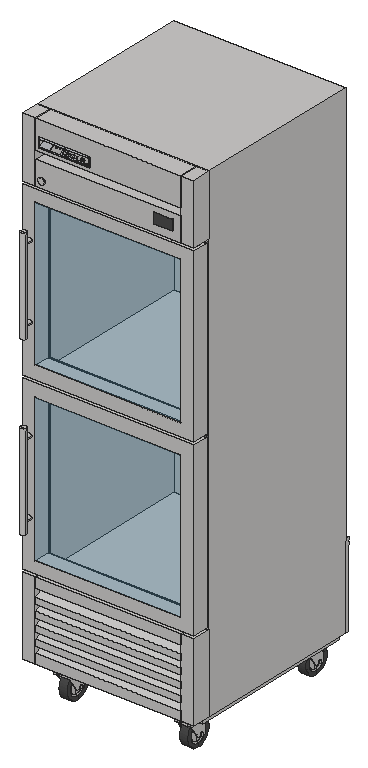
Revit family "QF_TRUE_TS-23G-2-HC~FGD01", category Specialty Equipment, Revit 2015
Parameters
  Weight in Pounds = 330
  Watts = Volts * FL Amps  # 253 W
  Volts = 115 V
  URL Cutsheet = "www.truemfg.com"
  URL = "www.truemfg.com"
  Specification by User = ""
  Specification by Manufacturer = ""
  Show Clearance [instance] = yes
  Show 6 Inches Standard Legs [instance] = no
  Show 6 Inches Seismic Flanged Legs [instance] = no
  6 Inches Seismic Flanged Legs [instance] = and(Show 6 Inches Seismic Flanged Legs, not(Show 5 Inches Castors))  # no
  Show Logo [instance] = yes
  Serial Number = ""
  Seismic Rating = ""
  SMACNA No = ""
  Revision Code = ""
  Phase = 1
  Overall Height [instance] = Body Height + Base Height  # 83 3/8"
  Number of Poles = 1
  NAFEM Spec ID Number = ""
  Model = "TS-23G-2-HC~FGD01"
  Min Ckt Ampacity = 0 A
  Max Overcurrent Protection = 0 A
  Masterspec = ""
  Manufacturer = "TRUE"
  Length = 27"
  Item Number = ""
  Installed By = ""
  Identify Quantity as Lot = yes
  Height = 83 3/8"
  HP = "1/4"
  Furnished By = ""
  Foodservice Equipment Identifier = yes
  FL Amps = 2.2 A
  Electrical Remarks = ""
  Electric Connection Type = ""
  Elec Conn RI Height = 0"
  Elec Conn Connection Height = 0"
  Description = "REACH-IN GLASS HALF SWING DOOR STAINLESS REFRIGERATOR WITH HYDROCARBON REFRIGERANT~FRAMED GLASS DOOR VERSION 01"
  Depth = 29 7/8"
  Cycle = 60 Hz
  Conn Plug = "NEMA 5-15P"
  Conn Conduit = yes
  CSI MasterFormat = ""
  Body Height = 78 3/8"
  Base Height [instance] = if(Show 5 Inches Castors, 5", 6")  # 5"
  Apparent Power = 0 VA
  6 Inches Standard Legs [instance] = and(Show 6 Inches Standard Legs, not(Show 5 Inches Castors))  # no
  Show 5 Inches Castors [instance] = if(Show 6 Inches Seismic Flanged Legs, Show 6 Inches Standard Legs, not(Show 6 Inches Standard Legs))  # yes
Reference planes (in)
  plane 1 "BACK": y = 0
  plane 2: z = 0
  plane 3 "LEFT": x = 0
  plane 4 "RIGHT": x = 27
  plane 5 "FRONT": y = -29.875
  plane 6 "TOP": z = 83.375
  plane 7 "Center Y": x = 13.5
  plane 8 "Center X": y = -14.9375
  plane 9: z = 5
Dimensions and locks (in)
  equal spacing: plane 3 "LEFT", plane 7 "Center Y", plane 4 "RIGHT"
  "Length": plane 3 "LEFT" to plane 4 "RIGHT"
  equal spacing: plane 5 "FRONT", plane 8 "Center X", plane 1 "BACK"
  "Depth": plane 5 "FRONT" to plane 1 "BACK"
  "Overall Height": plane 6 "TOP" to level
  plane 3 "LEFT" to plane 4 "RIGHT" = 27"
  "Base Height": plane 9 to level
  "Body Height": nested 5 to plane 9
  plane 6 "TOP" to nested 5 = 77"
  nested 5 to nested 5 = 32 1/8"
  plane 5 "FRONT" to nested 5 = 30 1/2"
  aligned and locked: level to plane 2
  aligned and locked: nested 5 to plane 9
Nested families (in)
  nested 1: "CASTER-LEGS" at (4, -2.625, 0), Show 5" Casters <- "Show 5 Inches Castors", Show 6 Inches Legs <- "6 Inches Standard Legs", Show Siesmic Flanged <- "6 Inches Seismic Flanged Legs", type "CASTER-LEGS"
    with Type Mark "", Status "", Specification by User "", Show Siesmic Flanged no, Show 6" Casters no, Show 6 Inches Legs no, Show 5" Casters yes, Show 4" Casters no, Show 2.5 Standard Legs no, Show 2.5 Casters no, Revision Code "", Low Profile no, Item Number "", Installed By "", Identify Quantity as Lot yes, Furnished By "", Foodservice Equipment Identifier yes
  nested 2: "CASTER-LEGS" at (4, -25.875, 0), Show 5" Casters <- "Show 5 Inches Castors", Show 6 Inches Legs <- "6 Inches Standard Legs", Show Siesmic Flanged <- "6 Inches Seismic Flanged Legs", type "CASTER-LEGS"
    with Type Mark "", Status "", Specification by User "", Show Siesmic Flanged no, Show 6" Casters no, Show 6 Inches Legs no, Show 5" Casters yes, Show 4" Casters no, Show 2.5 Standard Legs no, Show 2.5 Casters no, Revision Code "", Low Profile no, Item Number "", Installed By "", Identify Quantity as Lot yes, Furnished By "", Foodservice Equipment Identifier yes
  nested 3: "CASTER-LEGS" at (23, -2.625, 0), Show 5" Casters <- "Show 5 Inches Castors", Show 6 Inches Legs <- "6 Inches Standard Legs", Show Siesmic Flanged <- "6 Inches Seismic Flanged Legs", type "CASTER-LEGS"
    with Type Mark "", Status "", Specification by User "", Show Siesmic Flanged no, Show 6" Casters no, Show 6 Inches Legs no, Show 5" Casters yes, Show 4" Casters no, Show 2.5 Standard Legs no, Show 2.5 Casters no, Revision Code "", Low Profile no, Item Number "", Installed By "", Identify Quantity as Lot yes, Furnished By "", Foodservice Equipment Identifier yes
  nested 4: "CASTER-LEGS" at (23, -25.875, 0), Show 5" Casters <- "Show 5 Inches Castors", Show 6 Inches Legs <- "6 Inches Standard Legs", Show Siesmic Flanged <- "6 Inches Seismic Flanged Legs", type "CASTER-LEGS"
    with Type Mark "", Status "", Specification by User "", Show Siesmic Flanged no, Show 6" Casters no, Show 6 Inches Legs no, Show 5" Casters yes, Show 4" Casters no, Show 2.5 Standard Legs no, Show 2.5 Casters no, Revision Code "", Low Profile no, Item Number "", Installed By "", Identify Quantity as Lot yes, Furnished By "", Foodservice Equipment Identifier yes
  nested 5: "TS-23G-2-HC-FGD01" at (0, 0, 0), Show Clearance <- "Show Clearance", Show Logo <- "Show Logo", type "TS-23G-2-HC-FGD01"
    with Show Logo yes, Material and Finishes QF_Metal - Stainless - Polished
Connectors (in)
  electrical at (13.5, 0.5, 14.625), driven by "Volts", driven by "Watts"
    settings: on nested 5, index 1, voltage 115 V, apparent load 253 VA, apparent load phase1 0 VA, apparent load phase2 0 VA, apparent load phase3 0 VA, power factor 1, load classification "Other", number of poles 1, system type 30, power factor state 1, is connector primary yes, connector utility no, sub classification motor no, connector description "ELECTRICAL CONNECTION"
Definition of nested family "CASTER-LEGS"
  Parameters (values of type "CASTER-LEGS")
    Weight = ""
    URL Manufacturer = ""
    URL Cutsheet = ""
    URL = ""
    Type Mark [instance] = ""
    Status [instance] = ""
    Specification by User [instance] = ""
    Specification by Manufacturer = ""
    Show Siesmic Flanged [instance] = yes
    Show 6 Inches Legs [instance] = yes
    Show 6" Casters [instance] = yes
    Show 5" Casters [instance] = yes
    Show 4" Casters [instance] = yes
    Show 2.5 Standard Legs [instance] = yes
    Show 2.5 Casters [instance] = yes
    Serial Number = ""
    Seismic Rating = ""
    SMACNA No = ""
    Revision Code [instance] = ""
    Omniclass Number and Title = ""
    NAFEM Spec ID Number = ""
    Model = ""
    MasterSpec. = ""
    Manufacturer = ""
    Low Profile [instance] = yes
    Item Number [instance] = ""
    Installed By [instance] = ""
    Identify Quantity as Lot [instance] = yes
    Furnished By [instance] = ""
    Foodservice Equipment Identifier [instance] = yes
    Description = ""
    CSI MasterFormat = ""
    CSI Master Format = ""
    Assembly Code = ""
  Reference planes (in)
    plane 1: z = 0
    plane 2 "RIGHT": x = 0
    plane 3 "FRONT": y = 0
    plane 4 "TOP": z = 6
    plane 5: z = 2.125
    plane 6: z = 2.5
    plane 7: z = 6.25
  Forms (in)
    Revolve 1, solid, visible <- "Show 6 Inches Legs"
      sketch origin (11.12172, 0, 0) x (-1, 0, 0) y (0, 0, -1)
        loop
          line (11.12172, -6) -> (11.12172, 0) -> (10.62172, 0) -> (10.62172, -1.30261) -> (10.37172, -1.30261) -> (10.37172, -6) -> (11.12172, -6)
        axis (11.12172, 0) -> (11.12172, -6)
      angle from 0 to 360
    Extrusion 2, solid, visible <- "Show Siesmic Flanged"
      sketch origin (0, 0, 0) x (1, 0, 0) y (0, 1, 0)
        loop
          circle (-0.00825, 0) r 1
      from 0 to 0.125
    Revolve 3, solid, visible <- "Show Siesmic Flanged"
      sketch origin (11.12172, 0, 0) x (-1, 0, 0) y (0, 0, -1)
        loop
          line (11.12172, -6) -> (11.12172, -0.125) -> (10.62172, -0.125) -> (10.62172, -1.30261) -> (10.37172, -1.30261) -> (10.37172, -6) -> (11.12172, -6)
        axis (11.12172, -0.125) -> (11.12172, -6)
      angle from 0 to 360
    Revolve 4, solid, visible <- "Show 2.5 Standard Legs"
      sketch origin (11.12172, 0, 0) x (-1, 0, 0) y (0, 0, -1)
        loop
          line (11.12172, -2.5) -> (11.12172, 0) -> (10.62172, 0) -> (10.62172, -0.75) -> (10.37172, -0.75) -> (10.37172, -2.5) -> (11.12172, -2.5)
        axis (11.12172, 0) -> (11.12172, -2.5)
      angle from 0 to 360
  Dimensions and locks (in)
    plane 4 "TOP" to level = 6"  (x2)
    locked: Revolve 1 sketch curve to Revolve 1 sketch curve at 1.30261
    locked: Revolve 1 sketch curve to Revolve 1 sketch curve at 0.75
    nested 1 to level = 5"
    plane 6 to plane 1 = 2 1/2"
    plane 5 to plane 1 = 2 1/8"
    plane 7 to plane 1 = 6 1/4"
    locked: Revolve 3 sketch curve to Revolve 3 sketch curve at 0.75
    aligned and locked: level to plane 1
  Nested families (in)
    nested 1: "PITCO_5 INCHES CASTER" at (0, 0, 0), Show Casters <- "Show 5" Casters", type "PITCO_5 INCHES CASTER"
      with Type Mark "", Status "", Specification by User "", Show Casters yes, Revision Code "", Item Number "", Installed By "", Identify Quantity as Lot yes, Furnished By "", Foodservice Equipment Identifier yes
    nested 2: "2.13" at (0, 0, 0), 2.5 Inches Caster <- "Low Profile", type "2.13"
      with Type Mark "", Status "", Specification by User "", Revision Code "", Item Number "", Installed By "", Identify Quantity as Lot yes, Furnished By "", Foodservice Equipment Identifier yes, 2.5 Inches Caster yes
    nested 3: "C4" at (0, 0, 0), Show 4 Inches Casters <- "Show 4" Casters", type "C4"
      with Type Mark "", Specification by User "", Show 4 Inches Casters yes, Revision Code "", Item Number "", Installed By "", Identify Quantity as Lot yes, Furnished By "", Foodservice Equipment Identifier yes
    nested 4: "6 Inches Leg & Caster" at (0, 0, 0), Show Casters <- "Show 6" Casters", type "6 Inches Leg & Caster"
      with Type Mark "", Status "", Specification by User "", Show Casters yes, Revision Code "", Item Number "", Installed By "", Identify Quantity as Lot yes, Furnished By "", Foodservice Equipment Identifier yes
    nested 5: "C2.5" at (0, -0.86941, 0), 2.5 Inches Caster <- "Show 2.5 Casters", type "C2.5"
      with Type Mark "", Status "", Specification by User "", Revision Code "", Item Number "", Installed By "", Identify Quantity as Lot yes, Furnished By "", Foodservice Equipment Identifier yes, 2.5 Inches Caster yes
  Definition of nested family "PITCO_5 INCHES CASTER"
    Parameters (values of type "PITCO_5 INCHES CASTER")
      Weight = ""
      URL Manufacturer = ""
      URL Cutsheet = ""
      URL = ""
      Type Mark [instance] = ""
      Status [instance] = ""
      Specification by User [instance] = ""
      Specification by Manufacturer = ""
      Show Casters [instance] = yes
      Rubber = none
      Chrome = none
      Serial Number = ""
      Seismic Rating = ""
      SMACNA No = ""
      Revision Code [instance] = ""
      Omniclass Number and Title = ""
      NAFEM Spec ID Number = ""
      Model = ""
      MasterSpec. = ""
      Manufacturer = ""
      Item Number [instance] = ""
      Installed By [instance] = ""
      Identify Quantity as Lot [instance] = yes
      Furnished By [instance] = ""
      Foodservice Equipment Identifier [instance] = yes
      Description = ""
      CSI MasterFormat = ""
      CSI Master Format = ""
      Assembly Code = ""
    Reference planes (in)
      plane 1: z = 0
      plane 2 "RIGHT": x = 0
      plane 3 "FRONT": y = 0
      plane 4 "TOP": z = 5
      plane 5: z = 5.0625
    Forms (in)
      Revolve 1, solid, visible <- "Show Casters"
        sketch origin (-180, 1.0625, -34.67466) x (0, 0, -1) y (-1, 0, 0)
          loop
            line (-34.67466, -180.64009) -> (-34.67466, -179.35991) -> (-35.17466, -179.35991) -> (-35.17466, -179.48491) -> (-35.42466, -179.48491) -> (-35.42466, -179.64009) -> (-36.48519, -179.60306) -> (-36.48519, -178.85852) -> (-36.5316, -178.85852) -> (-36.5316, -178.71719) -> (-36.70591, -178.71719) -> (-36.70591, -181.28281) -> (-36.5316, -181.28281) -> (-36.5316, -181.14148) -> (-36.48519, -181.14148) -> (-36.48519, -180.39694) -> (-35.42466, -180.35991) -> (-35.42466, -180.51509) -> (-35.17466, -180.51509) -> (-35.17466, -180.64009) -> (-34.67466, -180.64009)
          axis (-36.70591, -181.28281) -> (-36.70591, -178.71719)
        angle from 0 to 360
      Extrusion 2, solid, visible <- "Show Casters"
        sketch origin (0, 0, -1.11142) x (0, -1, 0) y (1, 0, 0)
          loop
            circle (0, 0) r 1.5
        from 5.61142 to 6.17392
      Extrusion 3, solid, visible <- "Show Casters"
        sketch origin (0, 0, 0.289) x (0, -1, 0) y (0, 0, 1)
          loop
            arc (0.91808, 3.59427) -> (1.13645, 3.7909) -> (1.42156, 3.86198) r 0.60732
            line (1.42156, 3.86198) -> (1.46208, 3.86198) -> (1.43155, 4.211) -> (-1.43155, 4.211)
            arc (-1.43155, 4.211) -> (-1.62474, 4.13098) -> (-1.70476, 3.93778) r 0.27322
            line (-1.70476, 3.93778) -> (-1.70476, 3.78861) -> (-1.76351, 2.11371) -> (-1.82446, 1.68005)
            arc (-1.82446, 1.68005) -> (-1.73191, 1.41127) -> (-1.46007, 1.32816) r 0.31307
            line (-1.46007, 1.32816) -> (-0.60834, 1.47835)
            arc (-0.60834, 1.47835) -> (-0.50841, 1.51771) -> (-0.43181, 1.59299) r 0.26936
            line (-0.43181, 1.59299) -> (0.91808, 3.59427)
        from 0.84601 to 1.05998
      Extrusion 4, solid, visible <- "Show Casters"
        sketch origin (0, 0, -0.82242) x (0, -1, 0) y (0, 0, -1)
          loop
            line (1.43155, -5.32242) -> (1.46208, -4.9734) -> (1.42156, -4.9734)
            arc (1.42156, -4.9734) -> (1.13645, -4.90232) -> (0.91808, -4.70569) r 0.60732
            line (0.91808, -4.70569) -> (-0.43181, -2.70441)
            arc (-0.43181, -2.70441) -> (-0.50841, -2.62913) -> (-0.60834, -2.58977) r 0.26936
            line (-0.60834, -2.58977) -> (-1.46007, -2.43958)
            arc (-1.46007, -2.43958) -> (-1.73191, -2.52269) -> (-1.82446, -2.79147) r 0.31307
            line (-1.82446, -2.79147) -> (-1.76351, -3.22513) -> (-1.70476, -4.90003) -> (-1.70476, -5.0492)
            arc (-1.70476, -5.0492) -> (-1.62474, -5.2424) -> (-1.43155, -5.32242) r 0.27322
            line (-1.43155, -5.32242) -> (1.43155, -5.32242)
        from 0.84601 to 1.05998
      Extrusion 5, solid, visible <- "Show Casters"
        sketch origin (-0.84601, 0, 0.289) x (0, 1, 0) y (0, 0, 1)
          loop
            line (1.43155, 4.211) -> (-1.43155, 4.211) -> (-1.46208, 3.86198) -> (-1.42156, 3.86198)
            arc (-1.42156, 3.86198) -> (-1.13645, 3.7909) -> (-0.91808, 3.59427) r 0.60732
            arc (-0.91808, 3.59427) -> (0.37927, 3.88135) -> (1.70476, 3.78861) r 4.63574
            line (1.70476, 3.78861) -> (1.70476, 3.93778)
            arc (1.70476, 3.93778) -> (1.62474, 4.13098) -> (1.43155, 4.211) r 0.27322
        from 0 to 1.69203
    Cuts and joins
      joined: Extrusion 3, Extrusion 4, Extrusion 5
    Lines and regions (in)
      symbolic lines, visible <- "Show Casters"
        curve 1: line (0.70901, 2.6399, 0) -> (1.79507, 2.01286, 0)
        curve 2: line (-1.79099, -1.69023, 0) -> (0.70901, 2.6399, 0)
        curve 3: line (-0.70493, -2.31727, 0) -> (-1.79099, -1.69023, 0)
        curve 4: line (1.79507, 2.01286, 0) -> (-0.70493, -2.31727, 0)
    Dimensions and locks (in)
      plane 4 "TOP" to level = 5"  (x2)
      plane 5 to level = 5 1/16"
      aligned and locked: level to plane 1
  Definition of nested family "2.13"
    Parameters
      Weight = ""
      URL Manufacturer = ""
      URL Cutsheet = ""
      URL = ""
      Type Mark [instance] = ""
      Status [instance] = ""
      Specification by User [instance] = ""
      Specification by Manufacturer = ""
      Serial Number = ""
      Seismic Rating = ""
      SMACNA No = ""
      Revision Code [instance] = ""
      Omniclass Number and Title = ""
      NAFEM Spec ID Number = ""
      Model = ""
      MasterSpec. = ""
      Manufacturer = ""
      Item Number [instance] = ""
      Installed By [instance] = ""
      Identify Quantity as Lot [instance] = yes
      Furnished By [instance] = ""
      Foodservice Equipment Identifier [instance] = yes
      Description = ""
      CSI MasterFormat = ""
      CSI Master Format = ""
      Assembly Code = ""
      2.5 Inches Caster [instance] = yes
    Reference planes (in)
      plane 1: z = 0
      plane 2 "RIGHT": x = 0
      plane 3 "FRONT": y = 0
      plane 4 "TOP": z = 2.125
    Forms (in)
      Revolve 1, solid, visible <- "2.5 Inches Caster"
        sketch origin (-1.93794, 0.83816, -1.0041) x (1, 0, 0) y (0, 0, 1)
          loop
            line (0.74055, 1.76972) -> (0.74055, 1.69422) -> (0.79055, 1.64422) -> (0.85055, 1.64422) -> (0.85055, 1.52415) -> (1.235, 1.52415) -> (1.235, 1.4568) -> (1.38673, 1.3692) -> (1.4003, 1.28535) -> (1.34375, 1.28535) -> (1.34375, 1.16035) -> (1.375, 1.16035) -> (1.375, 1.0041) -> (1.87544, 1.0041) -> (1.87544, 1.52415) -> (2.00044, 1.52415) -> (2.00044, 1.0041) -> (2.48438, 1.0041) -> (2.48438, 1.16035) -> (2.51563, 1.16035) -> (2.51563, 1.28535) -> (2.45908, 1.28535) -> (2.47322, 1.37272) -> (2.62438, 1.45999) -> (2.62438, 1.52415) -> (3.04007, 1.52415) -> (3.04007, 1.64422) -> (3.10007, 1.64422) -> (3.15007, 1.69422) -> (3.15007, 1.76972) -> (0.74055, 1.76972)
          axis (0.74055, 1.76972) -> (3.15007, 1.76972)
        angle from 0 to 360
      Extrusion 2, solid, visible <- "2.5 Inches Caster"
        sketch origin (-1.93794, 1.80294, -3.6291) x (0, 1, 0) y (0, 0, 1)
          loop
            line (-0.64294, 5.43229) -> (-0.64294, 5.55298) -> (-2.21294, 5.55298) -> (-2.21294, 5.30272) -> (-1.81966, 5.30272)
            arc (-1.81966, 5.30272) -> (-1.13638, 5.20789) -> (-0.46376, 5.05475) r 8.02767
            arc (-0.46376, 5.05475) -> (-0.19511, 4.95469) -> (0.05138, 4.80832) r 1.60049
            line (0.05138, 4.80832) -> (0.12713, 4.91318)
            arc (0.12713, 4.91318) -> (-0.07255, 5.06376) -> (-0.29048, 5.18644) r 1.8753
            line (-0.29048, 5.18644) -> (-0.22239, 5.30423)
            arc (-0.22239, 5.30423) -> (-0.42776, 5.38437) -> (-0.64294, 5.43229) r 1.44292
        from 1.17357 to 2.70231
      Revolve 3, solid, visible <- "2.5 Inches Caster"
        sketch origin (0, 2.10856, -4.125) x (0, 1, 0) y (0, 0, 1)
          loop
            line (-1.73858, 6.25) -> (-1.73858, 6.04889) -> (-1.05793, 6.04889) -> (-1.05793, 6.25) -> (-1.73858, 6.25)
          axis (-1.73858, 6.04889) -> (-1.73858, 6.25)
        angle from 0 to 360
      Extrusion 4, solid, visible <- "2.5 Inches Caster"
        sketch origin (-1.98481, 1.80294, -2.1291) x (0, 1, 0) y (0, 0, 1)
          loop
            line (-2.21294, 4.05298) -> (-2.21294, 3.80272) -> (-2.13999, 3.80272)
            arc (-2.13999, 3.80272) -> (-1.62379, 3.51899) -> (-1.39241, 2.97729) r 0.90292
            arc (-1.39241, 2.97729) -> (-1.36136, 2.78161) -> (-1.29729, 2.59413) r 1.15385
            arc (-1.29729, 2.59413) -> (-0.94802, 2.37355) -> (-0.6121, 2.61396) r 0.37001
            arc (-0.6121, 2.61396) -> (-0.59625, 2.66241) -> (-0.58446, 2.712) r 0.61695
            arc (-0.58446, 2.712) -> (-0.36134, 3.11665) -> (0.05609, 3.31484) r 0.75313
            line (0.05609, 3.31484) -> (0.12713, 3.41318)
            arc (0.12713, 3.41318) -> (-0.07255, 3.56376) -> (-0.29048, 3.68644) r 1.8753
            line (-0.29048, 3.68644) -> (-0.22239, 3.80423)
            arc (-0.22239, 3.80423) -> (-0.42776, 3.88437) -> (-0.64294, 3.93229) r 1.44292
            line (-0.64294, 3.93229) -> (-0.64294, 4.05298) -> (-2.21294, 4.05298)
        from 2.74918 to 2.90825
      Extrusion 5, solid, visible <- "2.5 Inches Caster"
        sketch origin (1.98481, 1.80294, -2.1291) x (0, 1, 0) y (0, 0, -1)
          loop
            line (-2.21294, -4.05298) -> (-0.64294, -4.05298) -> (-0.64294, -3.93229)
            arc (-0.64294, -3.93229) -> (-0.42776, -3.88437) -> (-0.22239, -3.80423) r 1.44292
            line (-0.22239, -3.80423) -> (-0.29048, -3.68644)
            arc (-0.29048, -3.68644) -> (-0.07255, -3.56376) -> (0.12713, -3.41318) r 1.8753
            line (0.12713, -3.41318) -> (0.05609, -3.31484)
            arc (0.05609, -3.31484) -> (-0.36134, -3.11665) -> (-0.58446, -2.712) r 0.75313
            arc (-0.58446, -2.712) -> (-0.59625, -2.66241) -> (-0.6121, -2.61396) r 0.61695
            arc (-0.6121, -2.61396) -> (-0.94802, -2.37355) -> (-1.29729, -2.59413) r 0.37001
            arc (-1.29729, -2.59413) -> (-1.36136, -2.78161) -> (-1.39241, -2.97729) r 1.15385
            arc (-1.39241, -2.97729) -> (-1.62379, -3.51899) -> (-2.13999, -3.80272) r 0.90292
            line (-2.13999, -3.80272) -> (-2.21294, -3.80272) -> (-2.21294, -4.05298)
        from 2.74918 to 2.90825
    Lines and regions (in)
      symbolic lines, visible <- "2.5 Inches Caster"
        curve 1: line (0.10651, 1.27186, 0) -> (0.80944, 0.86603, 0)
        curve 2: line (-0.89349, -0.46019, 0) -> (0.10651, 1.27186, 0)
        curve 3: line (-0.19056, -0.86603, 0) -> (-0.89349, -0.46019, 0)
        curve 4: line (0.80944, 0.86603, 0) -> (-0.19056, -0.86603, 0)
    Dimensions and locks (in)
      plane 4 "TOP" to level = 2 1/8"  (x2)
      aligned and locked: level to plane 1
  Definition of nested family "C4"
    Parameters
      Weight = ""
      URL Manufacturer = ""
      URL Cutsheet = ""
      URL = ""
      Type Mark [instance] = ""
      Specification by User [instance] = ""
      Specification by Manufacturer = ""
      Show 4 Inches Casters [instance] = yes
      Serial Number = ""
      Seismic Rating = ""
      SMACNA No = ""
      Revision Code [instance] = ""
      Omniclass Number and Title = ""
      NAFEM Spec ID Number = ""
      Model = ""
      MasterSpec. = ""
      Manufacturer = ""
      Item Number [instance] = ""
      Installed By [instance] = ""
      Identify Quantity as Lot [instance] = yes
      Furnished By [instance] = ""
      Foodservice Equipment Identifier [instance] = yes
      Description = ""
      CSI MasterFormat = ""
      CSI Master Format = ""
      Assembly Code = ""
    Reference planes (in)
      plane 1: z = 0
      plane 2 "RIGHT": x = 0
      plane 3 "FRONT": y = 0
      plane 4 "TOP": z = 4
    Forms (in)
      Revolve 1, solid, visible <- "Show 4 Inches Casters"
        sketch origin (-1.93794, 0.83816, -1.0041) x (1, 0, 0) y (0, 0, 1)
          loop
            line (0.74055, 2.5041) -> (3.15007, 2.5041) -> (3.15007, 2.5796) -> (3.10007, 2.6296) -> (3.04007, 2.6296) -> (3.04007, 2.74967) -> (2.62438, 2.74967) -> (2.62438, 2.93884) -> (2.48438, 3.01967) -> (2.45908, 3.17597) -> (2.51563, 3.17597) -> (2.51563, 3.41035) -> (2.48438, 3.41035) -> (2.48438, 4.0041) -> (1.375, 4.0041) -> (1.375, 3.41035) -> (1.34375, 3.41035) -> (1.34375, 3.17597) -> (1.4003, 3.17597) -> (1.37557, 3.02318) -> (1.235, 2.94202) -> (1.235, 2.74967) -> (0.85055, 2.74967) -> (0.85055, 2.6296) -> (0.79055, 2.6296) -> (0.74055, 2.5796) -> (0.74055, 2.5041)
          axis (0.74055, 2.5041) -> (3.15007, 2.5041)
        angle from 0 to 360
      Extrusion 2, solid, visible <- "Show 4 Inches Casters"
        sketch origin (-1.93794, 1.80294, -1.7541) x (0, 1, 0) y (0, 0, 1)
          loop
            line (-3.08794, 5.33423) -> (-3.08794, 5.00584) -> (-2.69466, 5.00584)
            arc (-2.69466, 5.00584) -> (-1.57175, 4.94895) -> (-0.46376, 4.75787) r 9.36411
            arc (-0.46376, 4.75787) -> (-0.05889, 4.58436) -> (0.28335, 4.30705) r 1.60049
            line (0.28335, 4.30705) -> (0.34449, 4.39437)
            arc (0.34449, 4.39437) -> (0.12713, 4.6163) -> (-0.1239, 4.79931) r 1.8753
            line (-0.1239, 4.79931) -> (-0.05749, 4.91421)
            arc (-0.05749, 4.91421) -> (-0.33807, 5.05694) -> (-0.64294, 5.13542) r 1.44292
            line (-0.64294, 5.13542) -> (-0.64294, 5.33423) -> (-3.08794, 5.33423)
        from 1.1267 to 2.74918
      Revolve 3, solid, visible <- "Show 4 Inches Casters"
        sketch origin (0, 2.15543, -2.25) x (0, 1, 0) y (0, 0, 1)
          loop
            line (-2.21793, 6.25) -> (-2.21793, 5.83014) -> (-1.05793, 5.83014) -> (-1.05793, 6.25) -> (-2.21793, 6.25)
          axis (-2.21793, 5.83014) -> (-2.21793, 6.25)
        angle from 0 to 360
      Extrusion 4, solid, visible <- "Show 4 Inches Casters"
        sketch origin (-1.93794, 1.80294, -1.7541) x (0, 1, 0) y (0, 0, 1)
          loop
            line (-3.08794, 5.33423) -> (-3.08794, 5.00584) -> (-2.8913, 5.00584)
            arc (-2.8913, 5.00584) -> (-2.09118, 4.14057) -> (-1.45681, 3.14736) r 6.63355
            arc (-1.45681, 3.14736) -> (-0.85703, 2.75969) -> (-0.4561, 3.35069) r 0.5107
            arc (-0.4561, 3.35069) -> (-0.27092, 3.92503) -> (0.24034, 4.24562) r 0.88136
            line (0.24034, 4.24562) -> (0.34449, 4.39437)
            arc (0.34449, 4.39437) -> (0.12713, 4.6163) -> (-0.1239, 4.79931) r 1.8753
            line (-0.1239, 4.79931) -> (-0.05749, 4.91421)
            arc (-0.05749, 4.91421) -> (-0.33807, 5.05694) -> (-0.64294, 5.13542) r 1.44292
            line (-0.64294, 5.13542) -> (-0.64294, 5.33423) -> (-3.08794, 5.33423)
        from 2.74918 to 2.90825
      Extrusion 5, solid, visible <- "Show 4 Inches Casters"
        sketch origin (1.93794, 1.80294, -1.7541) x (0, 1, 0) y (0, 0, -1)
          loop
            line (-3.08794, -5.33423) -> (-0.64294, -5.33423) -> (-0.64294, -5.13542)
            arc (-0.64294, -5.13542) -> (-0.33807, -5.05694) -> (-0.05749, -4.91421) r 1.44292
            line (-0.05749, -4.91421) -> (-0.1239, -4.79931)
            arc (-0.1239, -4.79931) -> (0.12713, -4.6163) -> (0.34449, -4.39437) r 1.8753
            line (0.34449, -4.39437) -> (0.24034, -4.24562)
            arc (0.24034, -4.24562) -> (-0.27092, -3.92503) -> (-0.4561, -3.35069) r 0.88136
            arc (-0.4561, -3.35069) -> (-0.85703, -2.75969) -> (-1.45681, -3.14736) r 0.5107
            arc (-1.45681, -3.14736) -> (-2.09118, -4.14057) -> (-2.8913, -5.00584) r 6.63355
            line (-2.8913, -5.00584) -> (-3.08794, -5.00584) -> (-3.08794, -5.33423)
        from 2.74918 to 2.90825
    Cuts and joins
      joined: Extrusion 2, Extrusion 4, Extrusion 5
    Lines and regions (in)
      symbolic lines, visible <- "Show 4 Inches Casters"
        curve 1: line (0.28481, 1.83041, 0) -> (1.24556, 1.27572, 0)
        curve 2: line (-1.26206, -0.84886, 0) -> (0.28481, 1.83041, 0)
        curve 3: line (-0.30132, -1.40355, 0) -> (-1.26206, -0.84886, 0)
        curve 4: line (1.24556, 1.27572, 0) -> (-0.30132, -1.40355, 0)
    Dimensions and locks (in)
      plane 4 "TOP" to level = 4"  (x2)
      aligned and locked: level to plane 1
  Definition of nested family "6 Inches Leg & Caster"
    Parameters
      Weight = ""
      URL Manufacturer = ""
      URL Cutsheet = ""
      URL = ""
      Type Mark [instance] = ""
      Status [instance] = ""
      Specification by User [instance] = ""
      Specification by Manufacturer = ""
      Show Casters [instance] = yes
      Serial Number = ""
      Seismic Rating = ""
      SMACNA No = ""
      Revision Code [instance] = ""
      Omniclass Number and Title = ""
      NAFEM Spec ID Number = ""
      Model = ""
      MasterSpec. = ""
      Manufacturer = ""
      Item Number [instance] = ""
      Installed By [instance] = ""
      Identify Quantity as Lot [instance] = yes
      Furnished By [instance] = ""
      Foodservice Equipment Identifier [instance] = yes
      Description = ""
      CSI MasterFormat = ""
      CSI Master Format = ""
    Reference planes (in)
      plane 1 "BACK": y = 0
      plane 2: z = 0
      plane 3 "LEFT": x = 0
      plane 4 "RIGHT": x = 0
      plane 5 "FRONT": y = 0
      plane 6 "TOP": z = 6.25
    Forms (in)
      Revolve 1, solid, visible <- "Show Casters"
        sketch origin (-2.21793, 0, -0.25) x (-1, 0, 0) y (0, 0, 1)
          loop
            line (-2.21793, 6) -> (-2.21793, 5.55584) -> (-0.93693, 5.55584) -> (-0.93693, 6) -> (-2.21793, 6)
          axis (-2.21793, 5.55584) -> (-2.21793, 6)
        angle from 0 to 360
      Extrusion 2, solid, visible <- "Show Casters"
        sketch origin (0.25594, 2.21793, -0.1875) x (0, 1, 0) y (0, 0, 1)
          loop
            line (-3.37793, 5.49334) -> (-3.37793, 5.24334) -> (-1.63015, 2.08504)
            arc (-1.63015, 2.08504) -> (-0.63555, 1.74359) -> (-0.1951, 2.69848) r 0.78437
            line (-0.1951, 2.69848) -> (-1.06726, 5.49334) -> (-3.37793, 5.49334)
        from 0.78968 to 0.90247
      Extrusion 3, solid, visible <- "Show Casters"
        sketch origin (0, 0, 5.75) x (0, 1, 0) y (-1, 0, 0)
          loop
            circle (0, 0) r 0.75
        from 0 to 0.5
      Extrusion 4, solid, visible <- "Show Casters"
        sketch origin (-0.25594, 2.21793, -0.1875) x (0, 1, 0) y (0, 0, -1)
          loop
            line (-3.37793, -5.49334) -> (-1.06726, -5.49334) -> (-0.1951, -2.69848)
            arc (-0.1951, -2.69848) -> (-0.63555, -1.74359) -> (-1.63015, -2.08504) r 0.78437
            line (-1.63015, -2.08504) -> (-3.37793, -5.24334) -> (-3.37793, -5.49334)
        from 0.78968 to 0.90247
      Extrusion 5, solid, visible <- "Show Casters"
        sketch origin (0, 0, 0.75) x (0, 1, 0) y (0, 0, 1)
          loop
            line (-1.16, 4.55584) -> (-1.16, 4.30584) -> (1.15067, 4.30584) -> (1.15067, 4.55584) -> (-1.16, 4.55584)
        from -1.04562 to 1.04562
      Revolve 6, solid, visible <- "Show Casters"
        sketch origin (-1.9375, 1.23015, -0.12802) x (1, 0, 0) y (0, 0, 1)
          loop
            line (0.5843, 2.5041) -> (0.5843, 2.3661) -> (0.6343, 2.3161) -> (0.6943, 2.3161) -> (0.6943, 2.1804) -> (1.1725, 2.1804) -> (1.1725, 1.78493) -> (1.31307, 1.70377) -> (1.42647, 1.00302) -> (1.28125, 1.00302) -> (1.28125, 0.75302) -> (1.3125, 0.75302) -> (1.3125, 0.50302)
            arc (1.3125, 0.50302) -> (1.42233, 0.23785) -> (1.6875, 0.12802) r 0.375
            line (1.6875, 0.12802) -> (2.1875, 0.12802)
            arc (2.1875, 0.12802) -> (2.45267, 0.23785) -> (2.5625, 0.50302) r 0.375
            line (2.5625, 0.50302) -> (2.5625, 0.75302) -> (2.59375, 0.75302) -> (2.59375, 1.00302) -> (2.44853, 1.00302) -> (2.5625, 1.70728) -> (2.7025, 1.78811) -> (2.7025, 2.1804) -> (3.1807, 2.1804) -> (3.1807, 2.3161) -> (3.2407, 2.3161) -> (3.2907, 2.3661) -> (3.2907, 2.5041) -> (0.5843, 2.5041)
          axis (0.5843, 2.5041) -> (3.2907, 2.5041)
        angle from 0 to 360
    Cuts and joins
      joined: Extrusion 2, Extrusion 4, Extrusion 5
    Lines and regions (in)
      symbolic lines, visible <- "Show Casters"
        curve 1: line (0.46086, 2.04455, 0) -> (1.54339, 1.41955, 0)
        curve 2: line (-1.53914, -1.41955, 0) -> (0.46086, 2.04455, 0)
        curve 3: line (-0.45661, -2.04455, 0) -> (-1.53914, -1.41955, 0)
        curve 4: line (1.54339, 1.41955, 0) -> (-0.45661, -2.04455, 0)
    Dimensions and locks (in)
      plane 6 "TOP" to level = 6 1/4"  (x2)
      aligned and locked: level to plane 2
  Definition of nested family "C2.5"
    Parameters
      Weight = ""
      URL Manufacturer = ""
      URL Cutsheet = ""
      URL = ""
      Type Mark [instance] = ""
      Status [instance] = ""
      Specification by User [instance] = ""
      Specification by Manufacturer = ""
      Serial Number = ""
      Seismic Rating = ""
      SMACNA No = ""
      Revision Code [instance] = ""
      Omniclass Number and Title = ""
      NAFEM Spec ID Number = ""
      Model = ""
      MasterSpec. = ""
      Manufacturer = ""
      Item Number [instance] = ""
      Installed By [instance] = ""
      Identify Quantity as Lot [instance] = yes
      Furnished By [instance] = ""
      Foodservice Equipment Identifier [instance] = yes
      Description = ""
      CSI MasterFormat = ""
      CSI Master Format = ""
      Assembly Code = ""
      2.5 Inches Caster [instance] = yes
    Reference planes (in)
      plane 1: z = 0
      plane 2 "RIGHT": x = 0
      plane 3 "FRONT": y = 0
      plane 4 "TOP": z = 2.5
    Forms (in)
      Revolve 1, solid, visible <- "2.5 Inches Caster"
        sketch origin (-1.93794, 0.83816, -1.0041) x (1, 0, 0) y (0, 0, 1)
          loop
            line (0.74055, 1.92597) -> (0.74055, 1.85047) -> (0.79055, 1.80047) -> (0.85055, 1.80047) -> (0.85055, 1.6804) -> (1.235, 1.6804) -> (1.235, 1.61305) -> (1.38673, 1.52545) -> (1.4003, 1.4416) -> (1.34375, 1.4416) -> (1.34375, 1.3166) -> (1.375, 1.3166) -> (1.375, 1.0041) -> (2.48438, 1.0041) -> (2.48438, 1.3166) -> (2.51563, 1.3166) -> (2.51563, 1.4416) -> (2.45908, 1.4416) -> (2.47322, 1.52897) -> (2.62438, 1.61624) -> (2.62438, 1.6804) -> (3.04007, 1.6804) -> (3.04007, 1.80047) -> (3.10007, 1.80047) -> (3.15007, 1.85047) -> (3.15007, 1.92597) -> (0.74055, 1.92597)
          axis (0.74055, 1.92597) -> (3.15007, 1.92597)
        angle from 0 to 360
      Extrusion 2, solid, visible <- "2.5 Inches Caster"
        sketch origin (-1.93794, 1.80294, -3.2541) x (0, 1, 0) y (0, 0, 1)
          loop
            line (-0.64294, 5.43229) -> (-0.64294, 5.55298) -> (-2.21294, 5.55298) -> (-2.21294, 5.30272) -> (-1.81966, 5.30272)
            arc (-1.81966, 5.30272) -> (-1.13638, 5.20789) -> (-0.46376, 5.05475) r 8.02767
            arc (-0.46376, 5.05475) -> (-0.19511, 4.95469) -> (0.05138, 4.80832) r 1.60049
            line (0.05138, 4.80832) -> (0.12713, 4.91318)
            arc (0.12713, 4.91318) -> (-0.07255, 5.06376) -> (-0.29048, 5.18644) r 1.8753
            line (-0.29048, 5.18644) -> (-0.22239, 5.30423)
            arc (-0.22239, 5.30423) -> (-0.42776, 5.38437) -> (-0.64294, 5.43229) r 1.44292
        from 1.17357 to 2.70231
      Revolve 3, solid, visible <- "2.5 Inches Caster"
        sketch origin (0, 2.10856, -3.75) x (0, 1, 0) y (0, 0, 1)
          loop
            line (-1.73858, 6.25) -> (-1.73858, 6.04889) -> (-1.05793, 6.04889) -> (-1.05793, 6.25) -> (-1.73858, 6.25)
          axis (-1.73858, 6.04889) -> (-1.73858, 6.25)
        angle from 0 to 360
      Extrusion 4, solid, visible <- "2.5 Inches Caster"
        sketch origin (-1.98481, 1.80294, -1.7541) x (0, 1, 0) y (0, 0, 1)
          loop
            line (-2.21294, 4.05298) -> (-2.21294, 3.80272) -> (-2.13999, 3.80272)
            arc (-2.13999, 3.80272) -> (-1.62379, 3.51899) -> (-1.39241, 2.97729) r 0.90292
            arc (-1.39241, 2.97729) -> (-1.36136, 2.78161) -> (-1.29729, 2.59413) r 1.15385
            arc (-1.29729, 2.59413) -> (-0.94802, 2.37355) -> (-0.6121, 2.61396) r 0.37001
            arc (-0.6121, 2.61396) -> (-0.59625, 2.66241) -> (-0.58446, 2.712) r 0.61695
            arc (-0.58446, 2.712) -> (-0.36134, 3.11665) -> (0.05609, 3.31484) r 0.75313
            line (0.05609, 3.31484) -> (0.12713, 3.41318)
            arc (0.12713, 3.41318) -> (-0.07255, 3.56376) -> (-0.29048, 3.68644) r 1.8753
            line (-0.29048, 3.68644) -> (-0.22239, 3.80423)
            arc (-0.22239, 3.80423) -> (-0.42776, 3.88437) -> (-0.64294, 3.93229) r 1.44292
            line (-0.64294, 3.93229) -> (-0.64294, 4.05298) -> (-2.21294, 4.05298)
        from 2.74918 to 2.90825
      Extrusion 5, solid, visible <- "2.5 Inches Caster"
        sketch origin (1.98481, 1.80294, -1.7541) x (0, 1, 0) y (0, 0, -1)
          loop
            line (-2.21294, -4.05298) -> (-0.64294, -4.05298) -> (-0.64294, -3.93229)
            arc (-0.64294, -3.93229) -> (-0.42776, -3.88437) -> (-0.22239, -3.80423) r 1.44292
            line (-0.22239, -3.80423) -> (-0.29048, -3.68644)
            arc (-0.29048, -3.68644) -> (-0.07255, -3.56376) -> (0.12713, -3.41318) r 1.8753
            line (0.12713, -3.41318) -> (0.05609, -3.31484)
            arc (0.05609, -3.31484) -> (-0.36134, -3.11665) -> (-0.58446, -2.712) r 0.75313
            arc (-0.58446, -2.712) -> (-0.59625, -2.66241) -> (-0.6121, -2.61396) r 0.61695
            arc (-0.6121, -2.61396) -> (-0.94802, -2.37355) -> (-1.29729, -2.59413) r 0.37001
            arc (-1.29729, -2.59413) -> (-1.36136, -2.78161) -> (-1.39241, -2.97729) r 1.15385
            arc (-1.39241, -2.97729) -> (-1.62379, -3.51899) -> (-2.13999, -3.80272) r 0.90292
            line (-2.13999, -3.80272) -> (-2.21294, -3.80272) -> (-2.21294, -4.05298)
        from 2.74918 to 2.90825
    Lines and regions (in)
      symbolic lines, visible <- "2.5 Inches Caster"
        curve 1: line (0.10651, 1.96132, 0) -> (0.80944, 1.55548, 0)
        curve 2: line (-0.89349, 0.22927, 0) -> (0.10651, 1.96132, 0)
        curve 3: line (-0.19056, -0.17657, 0) -> (-0.89349, 0.22927, 0)
        curve 4: line (0.80944, 1.55548, 0) -> (-0.19056, -0.17657, 0)
    Dimensions and locks (in)
      plane 4 "TOP" to level = 2 1/2"  (x2)
      aligned and locked: level to plane 1
Definition of nested family "TS-23G-2-HC-FGD01"
  Parameters (values of type "TS-23G-2-HC-FGD01")
    Weight in Pounds = 0
    URL Cutsheet = ""
    Specification by User = ""
    Specification by Manufacturer = ""
    Show Logo [instance] = yes
    Show Clearance [instance] = yes
    Serial Number = ""
    Seismic Rating = ""
    SMACNA No = ""
    Revision Code = ""
    NAFEM Spec ID Number = ""
    Material and Finishes [instance] = none
    Masterspec = ""
    Item Number = ""
    Installed By = ""
    Identify Quantity as Lot = yes
    Furnished By = ""
    Foodservice Equipment Identifier = yes
    CSI MasterFormat = ""
  Reference planes (in)
    plane 1 "BACK": y = 0
    plane 2: z = 0
    plane 3 "LEFT": x = 0
    plane 4 "RIGHT": x = 27
    plane 5 "FRONT": y = -29.875
    plane 6 "TOP": z = 83.375
    plane 7 "Center Y": x = 13.5
    plane 8 "Center X": y = -14.9375
    plane 9: z = 5
    plane 10: z = 18.875
    plane 11: y = 0.625
    plane 12: y = -31.5
    plane 13: z = 6.375
    plane 14: z = 18.875
    plane 15: y = -55.625
    plane 16: y = -55.625
    plane 17: y = -55.5625
    plane 18: y = -55.5625
  Forms (in)
    Extrusion 1, solid, material <- "Material and Finishes", not visible
      sketch origin (-5.09019, 0.0625, 48) x (-1, 0, 0) y (0, 0, 1)
        loop
          line (-5.09019, 35.375) -> (-7.09019, 35.375) -> (-7.09019, -41.625) -> (-5.09019, -41.625) -> (-5.09019, 35.375)
      from 0 to -26.875
    Extrusion 2, solid, material <- "Material and Finishes", not visible
      sketch origin (2, -26.8125, 83.375) x (0, 0, -1) y (0, 1, 0)
        loop
          line (0, -3) -> (4.5, -3) -> (5.75, -0.19245) -> (5.75, -3) -> (9.5, -3) -> (9.5, 0) -> (0, 0) -> (0, -3)
        loop
          line (64.75, -3) -> (66.25, -3) -> (66.25, -0.43712) -> (67.5, -3) -> (68.5, -3) -> (68.5, -0.9497) -> (69.5, -3) -> (70.5, -3) -> (70.5, -0.9497) -> (71.5, -3) -> (72.5, -3) -> (72.5, -0.9497) -> (73.5, -3) -> (74.5, -3) -> (74.5, -0.9497) -> (75.5, -3) -> (77, -3) -> (77, 0) -> (64.75, 0) -> (64.75, -3)
      from 0 to 23
    Extrusion 3, solid, not visible
      sketch origin (-5.09019, -29.8125, 48) x (1, 0, 0) y (0, 0, 1)
        loop
          line (7.09019, 0.5) -> (30.09019, 0.5) -> (30.09019, 23.625) -> (7.09019, 23.625) -> (7.09019, 0.5)
        loop
          line (7.09019, -27.125) -> (30.09019, -27.125) -> (30.09019, -4) -> (7.09019, -4) -> (7.09019, -27.125)
      from 0 to -0.125
    Extrusion 4, solid, not visible
      sketch origin (2, -29.8125, 77.625) x (0, 0, -1) y (1, 0, 0)
        loop
          circle (2.77758, 1) r 0.5
      from 0 to 0.0625
    Extrusion 5, solid, material <- "Material and Finishes", not visible
      sketch origin (2, 0.0625, 83.375) x (0, 0, -1) y (0, 1, 0)
        loop
          line (0, 0) -> (0, -26.875) -> (2, -26.875) -> (2, -2.625) -> (36.125, -2.625) -> (36.125, -26.875) -> (38.125, -26.875) -> (38.125, -2.625) -> (64.75, -2.625) -> (64.75, -26.875) -> (77, -26.875) -> (77, 0) -> (0, 0)
      from 0 to 23
    Extrusion 6, solid, material <- "Material and Finishes", not visible
      sketch origin (-5.09019, -26.8125, 48) x (1, 0, 0) y (0, 0, 1)
        loop
          line (32.09019, 25.375) -> (5.09019, 25.375) -> (5.09019, -1.5) -> (32.09019, -1.5) -> (32.09019, 25.375)
        loop
          line (30.09019, 23.625) -> (7.09019, 23.625) -> (7.09019, 0.5) -> (30.09019, 0.5) -> (30.09019, 23.625)
        loop
          line (32.09019, -28.875) -> (32.09019, -2) -> (5.09019, -2) -> (5.09019, -28.875) -> (32.09019, -28.875)
        loop
          line (30.09019, -4) -> (7.09019, -4) -> (7.09019, -27.125) -> (30.09019, -27.125) -> (30.09019, -4)
      from 0.5 to 3
    Extrusion 7, solid, material <- "Material and Finishes", not visible
      sketch origin (2, -26.8125, 83.375) x (0, 0, -1) y (0, 1, 0)
        loop
          line (0, -3) -> (9.5, -3) -> (9.5, 0) -> (0, 0) -> (0, -3)
        loop
          line (64.75, -3) -> (77, -3) -> (77, 0) -> (64.75, 0) -> (64.75, -3)
      from 0 to -2
    Extrusion 8, solid, not visible
      sketch origin (-5.09019, -26.8125, 48) x (1, 0, 0) y (0, 0, 1)
        loop
          line (5.34019, -1.37134) -> (31.84019, -1.37134) -> (31.84019, 25.24634) -> (5.34019, 25.24634) -> (5.34019, -1.37134)
        loop
          line (6.84019, 23.875) -> (6.84019, 0.25) -> (30.34019, 0.25) -> (30.34019, 23.875) -> (6.84019, 23.875)
        loop
          line (5.34019, -28.74634) -> (31.84019, -28.74634) -> (31.84019, -2.12866) -> (5.34019, -2.12866) -> (5.34019, -28.74634)
        loop
          line (6.84019, -3.75) -> (6.84019, -27.375) -> (30.34019, -27.375) -> (30.34019, -3.75) -> (6.84019, -3.75)
      from 0 to 0.5
    Extrusion 9, solid, material <- "Material and Finishes", not visible
      sketch origin (25, -26.8125, 83.375) x (0, 0, -1) y (0, -1, 0)
        loop
          line (0, 3) -> (0, 0) -> (9.5, 0) -> (9.5, 3) -> (0, 3)
        loop
          line (64.75, 3) -> (64.75, 0) -> (77, 0) -> (77, 3) -> (64.75, 3)
      from 0 to -2
    Extrusion 10, solid, material <- "Material and Finishes", not visible
      sketch origin (32.09019, 0.0625, 48) x (1, 0, 0) y (0, 0, -1)
        loop
          line (-5.09019, -35.375) -> (-5.09019, 41.625) -> (-7.09019, 41.625) -> (-7.09019, -35.375) -> (-5.09019, -35.375)
      from 0 to -26.875
    Extrusion 11, solid
      sketch origin (-13.57812, 0.375, 19.72095) x (0, 0, -1) y (-1, 0, 0)
        loop
          circle (5.09595, -27.07812) r 0.25
      from 0 to 0.125
    Extrusion 12, solid
      sketch origin (2, -29.875, 77.9375) x (0, 0, -1) y (1, 0, 0)
        loop
          line (1.18857, 18.7994) -> (2.82844, 18.7994) -> (2.82844, 21.74734) -> (1.18857, 21.74734) -> (1.18857, 18.7994)
      from 0 to 0.0625
    Extrusion 13, solid, material <- "Material and Finishes", not visible
      sketch origin (0, -29.8125, -1.125) x (1, 0, 0) y (0, 0, 1)
        loop
          line (1, 7.5) -> (1, 6.125) -> (26, 6.125) -> (26, 7.5) -> (1, 7.5)
      from -29.875 to -3
    Extrusion 14, solid, material <- "Material and Finishes", not visible
      sketch origin (0, 0.1875, 82.375) x (0, 0, 1) y (0, 1, 0)
        loop
          line (-76, -0.125) -> (-62.88726, -0.125) -> (-62.88726, 0.02319) -> (-62.71048, 0.19996) -> (-62.71048, 0.5) -> (-63.05372, 0.5) -> (-63.05372, 0.25) -> (-63.43422, 0.25) -> (-63.43422, 0.5) -> (-63.77905, 0.5) -> (-63.77905, 0.25) -> (-76, 0.25) -> (-76, -0.125)
      from 0 to -27
    Extrusion 15, solid, material <- "Material and Finishes"
      sketch origin (-5.09019, 0, 48) x (-1, 0, 0) y (0, 0, 1)
        loop
          line (-5.09019, 35.375) -> (-7.09019, 35.375) -> (-7.09019, -41.625) -> (-5.09019, -41.625) -> (-5.09019, 35.375)
      from 0 to -26.875
    Extrusion 16, solid, material <- "Material and Finishes"
      sketch origin (2, -26.875, 83.375) x (0, 0, -1) y (0, 1, 0)
        loop
          line (0, -3) -> (4.5, -3) -> (5.75, -0.19245) -> (5.75, -3) -> (9.5, -3) -> (9.5, 0) -> (0, 0) -> (0, -3)
        loop
          line (64.75, -3) -> (66.25, -3) -> (66.25, -0.43712) -> (67.5, -3) -> (68.5, -3) -> (68.5, -0.9497) -> (69.5, -3) -> (70.5, -3) -> (70.5, -0.9497) -> (71.5, -3) -> (72.5, -3) -> (72.5, -0.9497) -> (73.5, -3) -> (74.5, -3) -> (74.5, -0.9497) -> (75.5, -3) -> (77, -3) -> (77, 0) -> (64.75, 0) -> (64.75, -3)
      from 0 to 23
    Extrusion 17, solid
      sketch origin (-5.09019, -29.875, 48) x (1, 0, 0) y (0, 0, 1)
        loop
          line (7.09019, 0.5) -> (30.09019, 0.5) -> (30.09019, 23.625) -> (7.09019, 23.625) -> (7.09019, 0.5)
        loop
          line (7.09019, -27.125) -> (30.09019, -27.125) -> (30.09019, -4) -> (7.09019, -4) -> (7.09019, -27.125)
      from 0 to -0.125
    Extrusion 18, solid
      sketch origin (2, -29.875, 77.625) x (0, 0, -1) y (1, 0, 0)
        loop
          circle (2.77758, 1) r 0.5
      from 0 to 0.0625
    Extrusion 19, solid, material <- "Material and Finishes"
      sketch origin (2, 0, 83.375) x (0, 0, -1) y (0, 1, 0)
        loop
          line (0, 0) -> (0, -26.875) -> (2, -26.875) -> (2, -2.625) -> (36.125, -2.625) -> (36.125, -26.875) -> (38.125, -26.875) -> (38.125, -2.625) -> (64.75, -2.625) -> (64.75, -26.875) -> (77, -26.875) -> (77, 0) -> (0, 0)
      from 0 to 23
    Extrusion 20, solid, material <- "Material and Finishes"
      sketch origin (-5.09019, -26.875, 48) x (1, 0, 0) y (0, 0, 1)
        loop
          line (32.09019, 25.375) -> (5.09019, 25.375) -> (5.09019, -1.5) -> (32.09019, -1.5) -> (32.09019, 25.375)
        loop
          line (30.09019, 23.625) -> (7.09019, 23.625) -> (7.09019, 0.5) -> (30.09019, 0.5) -> (30.09019, 23.625)
        loop
          line (32.09019, -28.875) -> (32.09019, -2) -> (5.09019, -2) -> (5.09019, -28.875) -> (32.09019, -28.875)
        loop
          line (30.09019, -4) -> (7.09019, -4) -> (7.09019, -27.125) -> (30.09019, -27.125) -> (30.09019, -4)
      from 0.5 to 3
    Extrusion 21, solid, material <- "Material and Finishes"
      sketch origin (2, -26.875, 83.375) x (0, 0, -1) y (0, 1, 0)
        loop
          line (0, -3) -> (9.5, -3) -> (9.5, 0) -> (0, 0) -> (0, -3)
        loop
          line (64.75, -3) -> (77, -3) -> (77, 0) -> (64.75, 0) -> (64.75, -3)
      from 0 to -2
    Extrusion 22, solid
      sketch origin (-5.09019, -26.875, 48) x (1, 0, 0) y (0, 0, 1)
        loop
          line (5.34019, -1.37134) -> (31.84019, -1.37134) -> (31.84019, 25.24634) -> (5.34019, 25.24634) -> (5.34019, -1.37134)
        loop
          line (6.84019, 23.875) -> (6.84019, 0.25) -> (30.34019, 0.25) -> (30.34019, 23.875) -> (6.84019, 23.875)
        loop
          line (5.34019, -28.74634) -> (31.84019, -28.74634) -> (31.84019, -2.12866) -> (5.34019, -2.12866) -> (5.34019, -28.74634)
        loop
          line (6.84019, -3.75) -> (6.84019, -27.375) -> (30.34019, -27.375) -> (30.34019, -3.75) -> (6.84019, -3.75)
      from 0 to 0.5
    Extrusion 23, solid, material <- "Material and Finishes"
      sketch origin (25, -26.875, 83.375) x (0, 0, -1) y (0, -1, 0)
        loop
          line (0, 3) -> (0, 0) -> (9.5, 0) -> (9.5, 3) -> (0, 3)
        loop
          line (64.75, 3) -> (64.75, 0) -> (77, 0) -> (77, 3) -> (64.75, 3)
      from 0 to -2
    Extrusion 24, solid, material <- "Material and Finishes"
      sketch origin (32.09019, 0, 48) x (1, 0, 0) y (0, 0, -1)
        loop
          line (-5.09019, -35.375) -> (-5.09019, 41.625) -> (-7.09019, 41.625) -> (-7.09019, -35.375) -> (-5.09019, -35.375)
      from 0 to -26.875
    Extrusion 25, solid, material <- "Material and Finishes"
      sketch origin (0, -29.875, -1.125) x (1, 0, 0) y (0, 0, 1)
        loop
          line (1, 7.5) -> (1, 6.125) -> (26, 6.125) -> (26, 7.5) -> (1, 7.5)
      from -29.875 to -3
    Extrusion 26, solid, material <- "Material and Finishes"
      sketch origin (0, 0.125, 82.375) x (0, 0, 1) y (0, 1, 0)
        loop
          line (-76, -0.125) -> (-62.88726, -0.125) -> (-62.88726, 0.02319) -> (-62.71048, 0.19996) -> (-62.71048, 0.5) -> (-63.05372, 0.5) -> (-63.05372, 0.25) -> (-63.43422, 0.25) -> (-63.43422, 0.5) -> (-63.77905, 0.5) -> (-63.77905, 0.25) -> (-76, 0.25) -> (-76, -0.125)
      from 0 to -27
    Revolve 27, solid
      sketch origin (0, -31.0625, 4.75226) x (1, 0, 0) y (0, 0, 1)
        loop
          line (1.10057, 47.84149) -> (1.10057, 62.77899) -> (0.66307, 62.77899) -> (0.66307, 47.84149) -> (1.10057, 47.84149)
        axis (1.10057, 47.84149) -> (1.10057, 62.77899)
      angle from 0 to 360
    Extrusion 28, solid
      sketch origin (0, 0.625, 4.75226) x (1, 0, 0) y (0, 0, 1)
        loop
          circle (1.10057, 61.15399) r 0.31825
        loop
          circle (1.10057, 49.57627) r 0.31825
      from 30.5 to 31.62224
    Revolve 29, solid, not visible
      sketch origin (0, -31, 4.75226) x (1, 0, 0) y (0, 0, 1)
        loop
          line (1.10057, 47.84149) -> (1.10057, 62.77899) -> (0.66307, 62.77899) -> (0.66307, 47.84149) -> (1.10057, 47.84149)
        axis (1.10057, 47.84149) -> (1.10057, 62.77899)
      angle from 0 to 360
    Extrusion 30, solid, not visible
      sketch origin (0, 0.6875, 4.75226) x (1, 0, 0) y (0, 0, 1)
        loop
          circle (1.10057, 61.15399) r 0.31825
        loop
          circle (1.10057, 49.57627) r 0.31825
      from 30.5 to 31.62224
    Extrusion 31, solid, visible <- "Show Clearance", detail levels coarse
      sketch origin (27, -26.875, 46.5) x (0, 1, 0) y (1, 0, 0)
        loop
          line (-3, -27) -> (-3, 0) -> (-28.75, 0)
          arc (-28.75, 0) -> (-21.19937, -18.57788) -> (-3, -27) r 27.32897
      from 0 to -26.875
    Extrusion 32, solid, visible <- "Show Clearance", detail levels coarse
      sketch origin (27, -26.875, 18.875) x (0, 1, 0) y (1, 0, 0)
        loop
          line (-3, -27) -> (-3, 0) -> (-28.75, 0)
          arc (-28.75, 0) -> (-21.19937, -18.57788) -> (-3, -27) r 27.32897
      from -0.25 to -27.125
    Extrusion 33, solid, visible <- "Show Clearance", not visible, detail levels coarse
      sketch origin (27, -26.8125, 46.5) x (0, 1, 0) y (1, 0, 0)
        loop
          line (-3, -27) -> (-3, 0) -> (-28.75, 0)
          arc (-28.75, 0) -> (-21.19937, -18.57788) -> (-3, -27) r 27.32897
      from 0 to -26.875
    Extrusion 34, solid, visible <- "Show Clearance", not visible, detail levels coarse
      sketch origin (27, -26.8125, 18.875) x (0, 1, 0) y (1, 0, 0)
        loop
          line (-3, -27) -> (-3, 0) -> (-28.75, 0)
          arc (-28.75, 0) -> (-21.19937, -18.57788) -> (-3, -27) r 27.32897
      from -0.25 to -27.125
    Revolve 35, solid
      sketch origin (0, -31.0625, -22.87274) x (1, 0, 0) y (0, 0, 1)
        loop
          line (1.10057, 47.84149) -> (1.10057, 62.77899) -> (0.66307, 62.77899) -> (0.66307, 47.84149) -> (1.10057, 47.84149)
        axis (1.10057, 47.84149) -> (1.10057, 62.77899)
      angle from 0 to 360
    Extrusion 36, solid
      sketch origin (0, 0.625, -22.87274) x (1, 0, 0) y (0, 0, 1)
        loop
          circle (1.10057, 61.15399) r 0.31825
        loop
          circle (1.10057, 49.57627) r 0.31825
      from 30.5 to 31.62224
    Revolve 37, solid, not visible
      sketch origin (0, -31, -22.87274) x (1, 0, 0) y (0, 0, 1)
        loop
          line (1.10057, 47.84149) -> (1.10057, 62.77899) -> (0.66307, 62.77899) -> (0.66307, 47.84149) -> (1.10057, 47.84149)
        axis (1.10057, 47.84149) -> (1.10057, 62.77899)
      angle from 0 to 360
    Extrusion 38, solid, not visible
      sketch origin (0, 0.6875, -22.87274) x (1, 0, 0) y (0, 0, 1)
        loop
          circle (1.10057, 61.15399) r 0.31825
        loop
          circle (1.10057, 49.57627) r 0.31825
      from 30.5 to 31.62224
    Extrusion 39, solid
      sketch origin (27, -26.875, 46.5) x (0, 1, 0) y (1, 0, 0)
        loop
          line (0, -1.157) -> (0, -0.21392) -> (-2.06523, -0.25589)
          arc (-2.06523, -0.25589) -> (-2.48736, -0.68546) -> (-2.06523, -1.11503) r 0.42963
          line (-2.06523, -1.11503) -> (0, -1.157)
        loop
          circle (-2.05773, -0.68546) r 0.25
      from 0 to 0.22057
    Extrusion 40, solid
      sketch origin (27, -26.875, 46.5) x (0, 1, 0) y (1, 0, 0)
        loop
          circle (-2.05773, -0.68546) r 0.25
      from 0 to 0.29961
    Extrusion 41, solid
      sketch origin (0, -26.875, 73.375) x (1, 0, 0) y (0, 1, 0)
        loop
          line (26.52659, -1.27764) -> (23.06149, -1.27764) -> (23.06149, -2.32875) -> (26.52659, -2.32875) -> (26.52659, -1.27764)
        loop
          circle (26.09113, -1.82353) r 0.25
        loop
          circle (24.44087, -1.81192) r 0.25
        loop
          circle (23.44087, -1.81192) r 0.25
      from 0 to 0.22057
    Extrusion 42, solid
      sketch origin (0, -26.875, 73.375) x (1, 0, 0) y (0, 1, 0)
        loop
          circle (24.44087, -1.81192) r 0.25
        loop
          circle (23.44087, -1.81192) r 0.25
      from 0 to 0.31015
    Extrusion 43, solid
      sketch origin (0, -26.875, 73.87265) x (1, 0, 0) y (0, 1, 0)
        loop
          circle (26.09249, -1.82353) r 0.25
      from 0.00235 to -0.27708
    Extrusion 44, solid
      sketch origin (0, -26.875, 73.68515) x (1, 0, 0) y (0, 1, 0)
        loop
          line (26.54743, -2.35477) -> (26.50632, 0) -> (25.58853, 0) -> (25.54743, -2.35477) -> (26.54743, -2.35477)
        loop
          circle (26.09249, -1.82353) r 0.25
      from 0 to 0.1875
    Extrusion 45, solid
      sketch origin (27, -26.875, 19.125) x (0, 1, 0) y (1, 0, 0)
        loop
          line (0, -1.157) -> (0, -0.21392) -> (-2.06523, -0.25589)
          arc (-2.06523, -0.25589) -> (-2.48736, -0.68546) -> (-2.06523, -1.11503) r 0.42963
          line (-2.06523, -1.11503) -> (0, -1.157)
        loop
          circle (-2.05773, -0.68546) r 0.25
      from 0 to 0.22057
    Extrusion 46, solid
      sketch origin (27, -26.875, 19.125) x (0, 1, 0) y (1, 0, 0)
        loop
          circle (-2.05773, -0.68546) r 0.25
      from 0 to 0.29961
    Extrusion 47, solid, not visible
      sketch origin (27, -26.8125, 46.5) x (0, 1, 0) y (1, 0, 0)
        loop
          line (0, -1.157) -> (0, -0.21392) -> (-2.06523, -0.25589)
          arc (-2.06523, -0.25589) -> (-2.48736, -0.68546) -> (-2.06523, -1.11503) r 0.42963
          line (-2.06523, -1.11503) -> (0, -1.157)
        loop
          circle (-2.05773, -0.68546) r 0.25
      from 0 to 0.22057
    Extrusion 48, solid, not visible
      sketch origin (27, -26.8125, 46.5) x (0, 1, 0) y (1, 0, 0)
        loop
          circle (-2.05773, -0.68546) r 0.25
      from 0 to 0.29961
    Extrusion 49, solid, not visible
      sketch origin (0, -26.8125, 73.375) x (1, 0, 0) y (0, 1, 0)
        loop
          line (26.52659, -1.27764) -> (23.06149, -1.27764) -> (23.06149, -2.32875) -> (26.52659, -2.32875) -> (26.52659, -1.27764)
        loop
          circle (26.09113, -1.82353) r 0.25
        loop
          circle (24.44087, -1.81192) r 0.25
        loop
          circle (23.44087, -1.81192) r 0.25
      from 0 to 0.22057
    Extrusion 50, solid, not visible
      sketch origin (0, -26.8125, 73.375) x (1, 0, 0) y (0, 1, 0)
        loop
          circle (24.44087, -1.81192) r 0.25
        loop
          circle (23.44087, -1.81192) r 0.25
      from 0 to 0.31015
    Extrusion 51, solid, not visible
      sketch origin (0, -26.8125, 73.87265) x (1, 0, 0) y (0, 1, 0)
        loop
          circle (26.09249, -1.82353) r 0.25
      from 0.00235 to -0.27708
    Extrusion 52, solid, not visible
      sketch origin (0, -26.8125, 73.68515) x (1, 0, 0) y (0, 1, 0)
        loop
          line (26.54743, -2.35477) -> (26.50632, 0) -> (25.58853, 0) -> (25.54743, -2.35477) -> (26.54743, -2.35477)
        loop
          circle (26.09249, -1.82353) r 0.25
      from 0 to 0.1875
    Extrusion 53, solid, not visible
      sketch origin (27, -26.8125, 19.125) x (0, 1, 0) y (1, 0, 0)
        loop
          line (0, -1.157) -> (0, -0.21392) -> (-2.06523, -0.25589)
          arc (-2.06523, -0.25589) -> (-2.48736, -0.68546) -> (-2.06523, -1.11503) r 0.42963
          line (-2.06523, -1.11503) -> (0, -1.157)
        loop
          circle (-2.05773, -0.68546) r 0.25
      from 0 to 0.22057
    Extrusion 54, solid, not visible
      sketch origin (27, -26.8125, 19.125) x (0, 1, 0) y (1, 0, 0)
        loop
          circle (-2.05773, -0.68546) r 0.25
      from 0 to 0.29961
  Cuts and joins
    joined: Extrusion 15, Extrusion 19, Extrusion 24
  Lines and regions (in)
    symbolic lines
      curve 1: line (0, 0.625, 0) -> (27, 0.625, 0)
      curve 2: line (0, -29.875, 0) -> (0, 0.625, 0)
      curve 3: line (27, -29.875, 0) -> (0, -29.875, 0)
      curve 4: line (27, 0.625, 0) -> (27, -29.875, 0)
      curve 5: line (0, 0, 0) -> (27, 0, 0)
      curve 6: line (0, -26.875, 0) -> (27, -26.875, 0)
      curve 7: line (2, -29.875, 0) -> (2, -26.875, 0)
      curve 8: line (25, -29.875, 0) -> (25, -26.875, 0)
      curve 9: arc (0.66307, -31.0625, 0) -> (1.10057, -30.625, 0) -> (1.53807, -31.0625, 0) r 0.4375
      curve 10: arc (1.53807, -31.0625, 0) -> (1.10057, -31.5, 0) -> (0.66307, -31.0625, 0) r 0.4375
      curve 11: line (0.78232, -29.875, 0) -> (0.78232, -30.7623, 0)
      curve 12: line (1.41882, -29.875, 0) -> (1.41882, -30.7623, 0)
      curve 13: line (27, -29.875, 0) -> (4.25181, -43.00867, 0)
      curve 14: arc (4.25181, -43.00867, 0) -> (1.28296, -36.71473, 0) -> (0, -29.875, 0) r 27.32897
    symbolic lines, not visible
      curve 15: line (27, -29.8125, 0) -> (4.25181, -42.94617, 0)
      curve 16: arc (4.25181, -42.94617, 0) -> (1.28296, -36.65223, 0) -> (0, -29.8125, 0) r 27.32897
  Dimensions and locks (in)
    equal spacing: plane 3 "LEFT", plane 7 "Center Y", plane 4 "RIGHT"
    plane 3 "LEFT" to plane 4 "RIGHT" = 27"
    equal spacing: plane 5 "FRONT", plane 8 "Center X", plane 1 "BACK"
    plane 5 "FRONT" to plane 1 "BACK" = 29 7/8"
    plane 6 "TOP" to level = 83 3/8"
    plane 6 "TOP" to plane 9 = 78 3/8"
    plane 9 to level = 5"
    plane 4 "RIGHT" to plane 3 "LEFT" = 27"
    Extrusion 4 sketch curve to Extrusion 7 = 1"
    plane 11 to plane 1 "BACK" = 5/8"
    plane 12 to plane 5 "FRONT" = 1 5/8"
    plane 5 "FRONT" to plane 11 = 30 1/2"
    plane 11 to plane 12 = 32 1/8"
    plane 6 "TOP" to plane 13 = 77"
    Extrusion 18 sketch curve to Extrusion 21 = 1"
